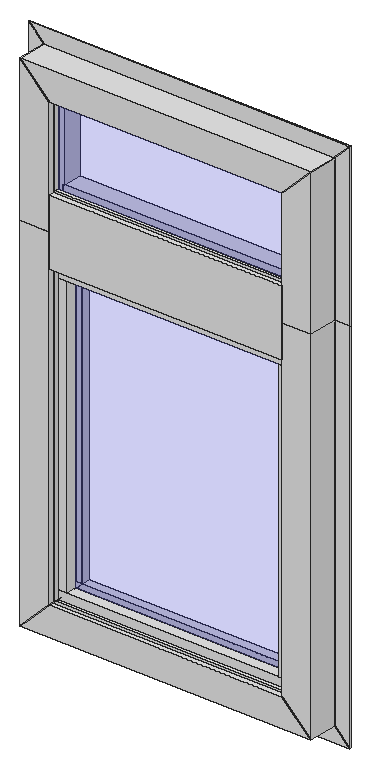
Revit family "511_CA_HL-U_nailfin", category Windows, host Wall, Revit 2016
Family settings
  Host = Wall
  OmniClass Number = 23.30.20.00
  OmniClass Title = Windows
  Always vertical = Yes
  Cut with Voids When Loaded = No
  Shared = No
  Room Calculation Point = No
Parameters (values of type "24x42")
  MLW3 = 1 / 8 * Width  # 3"
  MLW2 = 3.563"
  MLW1 = 3.188"
  MLH = 1 / 2 * Bar set  # 15"
  Interior Color [instance] = White
  Height = 42"
  Exterior Color [instance] = White
  Default Sill Height = 31.49606"
  Wall Closure = By host
  Width = 24"
  Bar set = 30"
Types (31): name | MLW3 | MLH | Interior Color | Height | Exterior Color | Width | Bar set
  (no name) | 3" | 15" | White | 42" | White | 24" | 30"
  13.5x31.75Min | 1 11/16" | 9 7/8" | none | 31 3/4" | none | 13 1/2" | 19 3/4"
  36x72 | 4 1/2" | 27" | none | 72" | none | 36" | 54"
  36x120Max | 4 1/2" | 30" | none | 120" | none | 36" | 60"
  24x48 | 3" | 15" | none | 48" | none | 24" | 30"
  24x36 | 3" | 12" | none | 36" | none | 24" | 24"
  24x42 | 3" | 15" | White | 42" | White | 24" | 30"
  24x54 | 3" | 18" | none | 54" | none | 24" | 36"
  24x60 | 3" | 21" | none | 60" | none | 24" | 42"
  30x36 | 3 3/4" | 12" | none | 36" | none | 30" | 24"
  30x42 | 3 3/4" | 15" | none | 42" | none | 30" | 30"
  30x48 | 3 3/4" | 18" | none | 48" | none | 30" | 36"
  30x54 | 3 3/4" | 21" | none | 54" | none | 30" | 42"
  30x60 | 3 3/4" | 21" | none | 60" | none | 30" | 42"
  30x66 | 3 3/4" | 24" | none | 66" | none | 30" | 48"
  30x72 | 3 3/4" | 27" | none | 72" | none | 30" | 54"
  30x78 | 3 3/4" | 30" | none | 78" | none | 30" | 60"
  30x92 | 3 3/4" | 33" | none | 92" | none | 30" | 66"
  30x98 | 3 3/4" | 36" | none | 98" | none | 30" | 72"
  36x42 | 4 1/2" | 15" | none | 42" | none | 36" | 30"
  36x48 | 4 1/2" | 15" | none | 48" | none | 36" | 30"
  36x54 | 4 1/2" | 18" | none | 54" | none | 36" | 36"
  36x60 | 4 1/2" | 21" | none | 60" | none | 36" | 42"
  36x66 | 4 1/2" | 24" | none | 66" | none | 36" | 48"
  36x78 | 4 1/2" | 30" | none | 78" | none | 36" | 60"
  36x84 | 4 1/2" | 30" | none | 84" | none | 36" | 60"
  36x90 | 4 1/2" | 30" | none | 90" | none | 36" | 60"
  36x96 | 4 1/2" | 30" | none | 96" | none | 36" | 60"
  36x102 | 4 1/2" | 30" | none | 102" | none | 36" | 60"
  36x108 | 4 1/2" | 30" | none | 108" | none | 36" | 60"
  36x114 | 4 1/2" | 30" | none | 114" | none | 36" | 60"
Reference planes (in)
  plane 1 "Center (Front/Back)": y = 0
  plane 2 "Center (Left/Right)": x = 0
  plane 3 "Left": x = -12
  plane 4 "Right": x = 12
  plane 5 "Sill": z = 31.49606
  plane 6 "Head": z = 73.49606
  plane 7 "Exterior": y = 3.93701
  plane 8 "Interior": y = -3.93701
  plane 9 "Front of wall": y = 3.93701
  plane 10 "Bar set": z = 61.49606
  plane 11: x = -9.938
  plane 12: x = 9.938
  plane 13: x = -9.2505
  plane 14: x = 9.2505
  plane 15: z = 34.24556
  plane 16: z = 58.37256
  plane 17: z = 63.93306
  plane 18: z = 71.43406
  plane 19: x = 8.8125
  plane 20: x = -8.8125
Forms (in)
  Extrusion 1, solid, material "White" <- "Interior Color"
    sketch origin (0, 0, 73.49606) x (0, -1, 0) y (1, 0, 0)
      loop
        line (-4.41495, -9.43465) -> (-4.41495, -11.3479) -> (-5.01201, -11.43181) -> (-5.01201, -12.2) -> (-4.94701, -12.2) -> (-4.94701, -12) -> (-4.01201, -12) -> (-4.01201, -13.25) -> (-3.93701, -13.25) -> (-3.93701, -12) -> (-1.51201, -12) -> (-1.51201, -9.625) -> (-1.88701, -9.625) -> (-1.88701, -9.437) -> (-2.13751, -9.437) -> (-2.13751, -9.938) -> (-2.88201, -9.938) -> (-2.88201, -9.43465) -> (-4.41495, -9.43465)
    from 1.25 to -12
  Extrusion 2, solid, material "White" <- "Interior Color"
    sketch origin (0, 0, 73.49606) x (0, -1, 0) y (1, 0, 0)
      loop
        line (-4.41495, 11.3479) -> (-4.41495, 9.43465) -> (-2.88201, 9.43465) -> (-2.88201, 9.938) -> (-2.13751, 9.938) -> (-2.13751, 9.438) -> (-1.88701, 9.438) -> (-1.88701, 9.625) -> (-1.51201, 9.625) -> (-1.51201, 12) -> (-3.93701, 12) -> (-3.93701, 13.25) -> (-4.01201, 13.25) -> (-4.01201, 12) -> (-4.94701, 12) -> (-4.94701, 12.2) -> (-5.01201, 12.2) -> (-5.01201, 11.43181) -> (-4.41495, 11.3479)
    from 1.25 to -12
  Extrusion 3, solid, material "White" <- "Interior Color"
    sketch origin (0, 0, 31.49606) x (0, -1, 0) y (1, 0, 0)
      loop
        line (-4.66201, -9.3755) -> (-4.66201, -11.38262) -> (-5.01201, -11.43181) -> (-5.01201, -12.2) -> (-4.94701, -12.2) -> (-4.94701, -12) -> (-4.01201, -12) -> (-4.01201, -13.25) -> (-3.93701, -13.25) -> (-3.93701, -12) -> (-1.51201, -12) -> (-1.51201, -9.625) -> (-1.88701, -9.625) -> (-1.88701, -9.437) -> (-2.21201, -9.437) -> (-2.21201, -8.7505) -> (-3.09951, -8.7505) -> (-3.09951, -9.2505) -> (-3.84401, -9.2505) -> (-3.84401, -8.7882) -> (-3.88201, -8.8125) -> (-4.62201, -8.8125) -> (-4.62201, -9.3755) -> (-4.66201, -9.3755)
    from -1.25 to 30
  Extrusion 4, solid, material "White" <- "Interior Color"
    sketch origin (0, 0, 31.49606) x (0, -1, 0) y (1, 0, 0)
      loop
        line (-4.66201, 11.38262) -> (-4.66201, 9.3755) -> (-4.62201, 9.3755) -> (-4.62201, 8.8125) -> (-3.88201, 8.8125) -> (-3.84401, 8.7882) -> (-3.84401, 9.2505) -> (-3.09951, 9.2505) -> (-3.09951, 8.7505) -> (-2.21201, 8.7505) -> (-2.21201, 9.437) -> (-1.88701, 9.437) -> (-1.88701, 9.625) -> (-1.51201, 9.625) -> (-1.51201, 12) -> (-3.93701, 12) -> (-3.93701, 13.25) -> (-4.01201, 13.25) -> (-4.01201, 12) -> (-4.94701, 12) -> (-4.94701, 12.2) -> (-5.01201, 12.2) -> (-5.01201, 11.43181) -> (-4.66201, 11.38262)
    from -1.25 to 30
  Extrusion 5, solid, material "White" <- "Interior Color"
    sketch origin (0, 0, 0) x (0, -1, 0) y (0, 0, 1)
      loop
        line (-1.51201, 33.87106) -> (-1.88701, 33.87106) -> (-1.88701, 34.05906) -> (-2.21201, 34.05906) -> (-2.21201, 34.74556) -> (-3.09951, 34.74556) -> (-3.09951, 34.24556) -> (-3.84401, 34.24556) -> (-3.84401, 34.70789) -> (-3.88197, 34.68366) -> (-4.62201, 34.68366) -> (-4.62201, 34.12056) -> (-4.66201, 34.12056) -> (-4.66201, 32.11344) -> (-5.01201, 32.06425) -> (-5.01201, 31.29606) -> (-4.94701, 31.29606) -> (-4.94701, 31.49606) -> (-4.01201, 31.49606) -> (-4.01201, 30.24606) -> (-3.93701, 30.24606) -> (-3.93701, 31.49606) -> (-1.51201, 31.49606) -> (-1.51201, 33.87106)
    from -13.25 to 13.25
  Extrusion 6, solid, material "White" <- "Interior Color"
    sketch origin (0, 0, 0) x (0, -1, 0) y (0, 0, 1)
      loop
        line (-1.51201, 73.49606) -> (-3.93701, 73.49606) -> (-3.93701, 74.74606) -> (-4.01201, 74.74606) -> (-4.01201, 73.49606) -> (-4.94701, 73.49606) -> (-4.94701, 73.69606) -> (-5.01201, 73.69606) -> (-5.01201, 72.92787) -> (-4.41499, 72.84397) -> (-4.41499, 70.92916) -> (-2.88201, 70.92916) -> (-2.88201, 71.43406) -> (-2.13751, 71.43406) -> (-2.13751, 70.93406) -> (-1.88701, 70.93306) -> (-1.88701, 71.12106) -> (-1.51201, 71.12106) -> (-1.51201, 73.49606)
    from -13.25 to 13.25
  Extrusion 7, solid, material "White" <- "Interior Color"
    sketch origin (0, 0, 0) x (0, -1, 0) y (0, 0, 1)
      loop
        line (-1.51201, 58.74606) -> (-1.51201, 64.24552) -> (-1.88701, 64.24552) -> (-1.88701, 64.43406) -> (-2.13751, 64.43406) -> (-2.13751, 63.93306) -> (-2.88201, 63.93306) -> (-2.88201, 64.43642) -> (-4.41495, 64.43642) -> (-4.41495, 62.52316) -> (-5.01201, 62.43925) -> (-5.01201, 60.55287) -> (-4.66201, 60.50368) -> (-4.66201, 58.49656) -> (-4.62201, 58.49656) -> (-4.62201, 57.93356) -> (-3.88201, 57.93356) -> (-3.84401, 57.90927) -> (-3.84401, 58.37256) -> (-3.09951, 58.37256) -> (-3.09951, 57.87156) -> (-2.21201, 57.87156) -> (-2.21201, 58.55806) -> (-1.88701, 58.55806) -> (-1.88701, 58.74606) -> (-1.51201, 58.74606)
    from -12 to 12
  Sweep 8, void
    path in 3D
      loop
        line (10.58359, 10.31257, 73.49606) -> (10.58359, 3.93701, 73.49606)
    profile origin (10.58359, 7.12479, 73.49606) x (1, 0, 0) y (0, 0, 1)
      loop
        line (2.8495, 1.43309) -> (-2.48569, 1.43309) -> (-2.48569, -2.56691) -> (0.76431, -2.56691) -> (0.76431, -0.65209) -> (2.8495, 1.43309)
  Sweep 9, void
    path in 3D
      loop
        line (10.58359, 10.31257, 73.49606) -> (10.58359, 3.93701, 73.49606)
    profile origin (10.58359, 7.12479, 73.49606) x (1, 0, 0) y (0, 0, 1)
      loop
        line (3.01431, 1.5979) -> (0.76431, -0.6521) -> (0.76431, -2.9021) -> (3.01431, -2.9021) -> (3.01431, 1.5979)
  Sweep 10, void
    path in 3D
      loop
        line (-11.3504, 9.9781, 73.49606) -> (-11.3504, 3.93701, 73.49606)
    profile origin (-11.3504, 6.95756, 73.49606) x (1, 0, 0) y (0, 0, 1)
      loop
        line (-2.22364, 1.57404) -> (0.00249, -0.65209) -> (0.00249, -2.56691) -> (2.901, -2.56691) -> (2.901, 1.57404) -> (-2.22364, 1.57404)
  Sweep 11, void
    path in 3D
      loop
        line (-11.3504, 9.9781, 73.49606) -> (-11.3504, 3.93701, 73.49606)
    profile origin (-11.3504, 6.95756, 73.49606) x (1, 0, 0) y (0, 0, 1)
      loop
        line (-2.2475, 1.5979) -> (-2.2475, -3.02629) -> (0.0025, -3.02629) -> (0.0025, -0.6521) -> (-2.2475, 1.5979)
  Sweep 12, void
    path in 3D
      loop
        line (-10.49435, 9.79467, 61.49606) -> (-10.49435, 3.93701, 61.49606)
    profile origin (-10.49435, 6.86584, 61.49606) x (1, 0, 0) y (0, 0, 1)
      loop
        line (2.3275, -3.5625) -> (2.3275, 2.94035) -> (-0.85355, 2.94035) -> (-0.85355, 1.0271) -> (-0.93747, 0.94319) -> (-0.93747, -0.94319) -> (1.11885, -2.9995) -> (1.11885, -3.5625) -> (2.3275, -3.5625)
  Sweep 13, void
    path in 3D
      loop
        line (-10.49435, 9.79467, 61.49606) -> (-10.49435, 3.93701, 61.49606)
    profile origin (-10.49435, 6.86584, 61.49606) x (1, 0, 0) y (0, 0, 1)
      loop
        line (1.11885, -4.69319) -> (1.11885, -2.9995) -> (-0.93747, -0.94319) -> (-0.93747, 5.55681) -> (-4.68747, 5.55681) -> (-4.68747, -4.69319) -> (1.11885, -4.69319)
  Sweep 14, void
    path in 3D
      loop
        line (11.08359, 10.31257, 61.49606) -> (11.08359, 3.93701, 61.49606)
    profile origin (11.08359, 7.12479, 61.49606) x (1, 0, 0) y (0, 0, 1)
      loop
        line (-2.98569, -3.5625) -> (-1.70809, -3.5625) -> (-1.70809, -2.9995) -> (0.34822, -0.94319) -> (0.34822, 0.94319) -> (0.26431, 1.0271) -> (0.26431, 2.94035) -> (-2.98569, 2.94035) -> (-2.98569, -3.5625)
  Sweep 15, void
    path in 3D
      loop
        line (11.08359, 10.31257, 61.49606) -> (11.08359, 3.93701, 61.49606)
    profile origin (11.08359, 7.12479, 61.49606) x (1, 0, 0) y (0, 0, 1)
      loop
        line (-1.70809, -4.19404) -> (3.09822, -4.19404) -> (3.09822, 3.44677) -> (0.34822, 3.44677) -> (0.34822, -0.94319) -> (-1.70809, -2.9995) -> (-1.70809, -4.19404)
  Sweep 16, void
    path in 3D
      loop
        line (11.58359, 10.31257, 31.49606) -> (11.58359, 3.93701, 31.49606)
    profile origin (11.58359, 7.12479, 31.49606) x (1, 0, 0) y (0, 0, 1)
      loop
        line (2.33636, -1.91995) -> (-2.20809, 2.6245) -> (-2.20809, 3.18759) -> (-4.5599, 3.18759) -> (-4.5599, -1.91995) -> (2.33636, -1.91995)
  Sweep 17, void
    path in 3D
      loop
        line (11.58359, 10.31257, 31.49606) -> (11.58359, 3.93701, 31.49606)
    profile origin (11.58359, 7.12479, 31.49606) x (1, 0, 0) y (0, 0, 1)
      loop
        line (2.79191, -2.3755) -> (2.79191, 5.6245) -> (-2.20809, 5.6245) -> (-2.20809, 2.6245) -> (2.79191, -2.3755)
  Sweep 18, void
    path in 3D
      loop
        line (-9.938, 9.79467, 31.49606) -> (-9.938, 3.93701, 31.49606)
    profile origin (-9.938, 6.86584, 31.49606) x (1, 0, 0) y (0, 0, 1)
      loop
        line (-4.4375, -2.3755) -> (3.0625, -2.3755) -> (3.0625, 3.18759) -> (0.5625, 3.18759) -> (0.5625, 2.6245) -> (-4.4375, -2.3755)
  Sweep 19, void
    path in 3D
      loop
        line (-9.938, 9.79467, 31.49606) -> (-9.938, 3.93701, 31.49606)
    profile origin (-9.938, 6.86584, 31.49606) x (1, 0, 0) y (0, 0, 1)
      loop
        line (-3.9375, -1.8755) -> (0.5625, 2.6245) -> (0.5625, 5.3745) -> (-3.9375, 5.3745) -> (-3.9375, -1.8755)
  Extrusion 20, void
    sketch origin (0, 3.93701, 0) x (1, 0, 0) y (0, 0, 1)
      loop
        line (-14.45496, 75.95103) -> (-9.625, 71.12106) -> (-9.625, 70.93406) -> (-8.96944, 70.93406) -> (-8.96944, 75.95103) -> (-14.45496, 75.95103)
    from 0 to 12
  Extrusion 21, void
    sketch origin (0, 3.93701, 0) x (1, 0, 0) y (0, 0, 1)
      loop
        line (-14.49016, 75.98622) -> (-14.49016, 69.42342) -> (-9.625, 69.42342) -> (-9.625, 71.12106) -> (-14.49016, 75.98622)
    from 0 to 12
  Extrusion 22, void
    sketch origin (0, 3.93701, 0) x (1, 0, 0) y (0, 0, 1)
      loop
        line (14, 75.49606) -> (8.93613, 75.49606) -> (8.93613, 70.93306) -> (9.625, 70.93306) -> (9.625, 71.12106) -> (14, 75.49606)
    from 0 to 12
  Extrusion 23, void
    sketch origin (0, 3.93701, 0) x (1, 0, 0) y (0, 0, 1)
      loop
        line (14.9093, 76.40537) -> (9.625, 71.12106) -> (9.625, 70.07544) -> (14.9093, 70.07544) -> (14.9093, 76.40537)
    from 0 to 12
  Extrusion 24, void
    sketch origin (0, 3.93701, 0) x (1, 0, 0) y (0, 0, 1)
      loop
        line (-7.937, 64.43642) -> (-9.625, 64.43642) -> (-9.625, 58.55806) -> (-9.437, 58.55806) -> (-9.437, 57.87156) -> (-7.937, 57.87156) -> (-7.937, 64.43642)
    from 0 to 12
  Extrusion 25, void
    sketch origin (0, 3.93701, 0) x (1, 0, 0) y (0, 0, 1)
      loop
        line (-9.625, 66.01082) -> (-14.625, 66.01082) -> (-14.625, 56.51082) -> (-9.625, 56.51082) -> (-9.625, 66.01082)
    from 0 to 12
  Extrusion 26, void
    sketch origin (0, 3.93701, 0) x (1, 0, 0) y (0, 0, 1)
      loop
        line (7.625, 64.43642) -> (7.625, 57.87156) -> (9.437, 57.87156) -> (9.437, 58.55806) -> (9.625, 58.55806) -> (9.625, 64.43642) -> (7.625, 64.43642)
    from 0 to 12
  Extrusion 27, void
    sketch origin (0, 3.93701, 0) x (1, 0, 0) y (0, 0, 1)
      loop
        line (9.625, 66.0605) -> (9.625, 57.0605) -> (14.375, 57.0605) -> (14.375, 66.0605) -> (9.625, 66.0605)
    from 0 to 12
  Extrusion 28, void
    sketch origin (0, 3.93701, 0) x (1, 0, 0) y (0, 0, 1)
      loop
        line (7.7505, 34.74556) -> (7.7505, 31.04264) -> (12.45343, 31.04264) -> (9.625, 33.87106) -> (9.625, 34.05906) -> (9.437, 34.05906) -> (9.437, 34.74556) -> (7.7505, 34.74556)
    from 0 to 12
  Extrusion 29, void
    sketch origin (0, 3.93701, 0) x (1, 0, 0) y (0, 0, 1)
      loop
        line (8.55278, 33.87106) -> (8.55278, 29.57612) -> (13.91995, 29.57612) -> (9.625, 33.87106) -> (8.55278, 33.87106)
    from 0 to 12
  Extrusion 30, void
    sketch origin (0, 3.93701, 0) x (1, 0, 0) y (0, 0, 1)
      loop
        line (-7.80698, 34.74556) -> (-9.437, 34.74556) -> (-9.437, 34.05906) -> (-9.625, 34.05906) -> (-9.625, 33.87106) -> (-14.11905, 29.37701) -> (-7.80698, 29.37701) -> (-7.80698, 34.74556)
    from 0 to 12
  Extrusion 31, void
    sketch origin (0, 3.93701, 0) x (1, 0, 0) y (0, 0, 1)
      loop
        line (-9.625, 35.38264) -> (-14.34332, 35.38264) -> (-14.34332, 29.15274) -> (-9.625, 33.87106) -> (-9.625, 35.38264)
    from 0 to 12
  Extrusion 32, solid, material "Glass"
    sketch origin (0, 0, 0) x (0, -1, 0) y (0, 0, 1)
      loop
        line (-2.88201, 71.43406) -> (-2.88201, 63.93306) -> (-2.13751, 63.93306) -> (-2.13751, 71.43406) -> (-2.88201, 71.43406)
    from -9.938 to 9.938
  Extrusion 33, solid, material "Glass"
    sketch origin (0, 0, 0) x (0, -1, 0) y (0, 0, 1)
      loop
        line (-3.84401, 58.37256) -> (-3.84401, 34.24556) -> (-3.09951, 34.24556) -> (-3.09951, 58.37256) -> (-3.84401, 58.37256)
    from -9.2505 to 9.2505
  Extrusion 34, void
    sketch origin (0, 3.93701, 0) x (1, 0, 0) y (0, 0, 1)
      loop
        line (14.12111, 29.37495) -> (14.12111, 35.55906) -> (9.437, 35.55906) -> (9.437, 34.05906) -> (9.625, 34.05906) -> (9.625, 33.87106) -> (14.12111, 29.37495)
    from 0 to 12
Cuts and joins
  Sweep 8, Sweep 14, Extrusion 22, Extrusion 26 cuts Extrusion 2
  Sweep 9, Sweep 11, Extrusion 21, Extrusion 23 cuts Extrusion 6
  Sweep 10, Sweep 12, Extrusion 20, Extrusion 24 cuts Extrusion 1
  Sweep 12, Sweep 18, Extrusion 24, Extrusion 30 cuts Extrusion 3
  Sweep 13, Sweep 15, Extrusion 25, Extrusion 27 cuts Extrusion 7
  Sweep 14, Sweep 16, Extrusion 26, Extrusion 28, Extrusion 29 cuts Extrusion 4
  Sweep 17, Sweep 19, Extrusion 31, Extrusion 34 cuts Extrusion 5
Lines and regions (in)
  Opening 1
    outline origin (137.79528, -3.93701, 0) x (1, 0, 0) y (0, 0, 1)
      loop
        line (-125.79528, 31.49606) -> (-125.79528, 73.49606) -> (-149.79528, 73.49606) -> (-149.79528, 31.49606) -> (-125.79528, 31.49606)
  reference lines
    curve 1: line (-11.3504, 9.9781, 73.49606) -> (-11.3504, 3.93701, 73.49606)
    curve 2: line (-10.49435, 9.79467, 61.49606) -> (-10.49435, 3.93701, 61.49606)
    curve 3: line (-9.938, 9.79467, 31.49606) -> (-9.938, 3.93701, 31.49606)
    curve 4: line (10.58359, 10.31257, 73.49606) -> (10.58359, 3.93701, 73.49606)
    curve 5: line (11.08359, 10.31257, 61.49606) -> (11.08359, 3.93701, 61.49606)
    curve 6: line (11.58359, 10.31257, 31.49606) -> (11.58359, 3.93701, 31.49606)
    curve 19: line (-8.8125, 3.93701, 57.93306) -> (8.8125, 3.93701, 46.49606)
    curve 20: line (8.8125, 3.93701, 46.49606) -> (-8.8125, 3.93701, 34.68406)
    curve 23: line (2.5, 3.93701, 69.99606) -> (-2.5, 3.93701, 69.99606)
    curve 24: line (2.5, 3.93701, 64.99606) -> (2.5, 3.93701, 69.99606)
    curve 25: line (-2.5, 3.93701, 64.99606) -> (2.5, 3.93701, 64.99606)
    curve 26: line (-2.5, 3.93701, 69.99606) -> (-2.5, 3.93701, 64.99606)
    curve 30: line (0, 3.93701, 64.99606) -> (0, 3.93701, 71.49606)
    curve 31: line (2.5, 3.93701, 67.49606) -> (-0.8041, 3.93701, 67.49606)
    curve 34: line (2.5, 0, 69.99606) -> (-2.5, 0, 69.99606)
    curve 35: line (2.5, 0, 64.99606) -> (2.5, 0, 69.99606)
    curve 36: line (-2.5, 0, 64.99606) -> (2.5, 0, 64.99606)
    curve 37: line (-2.5, 0, 69.99606) -> (-2.5, 0, 64.99606)
    curve 38: line (0, 0, 64.99606) -> (0, 0, 72.49606)
    curve 39: line (2.5, 0, 67.49606) -> (-4.5, 0, 67.49606)
  sketch lines
    curve 7: line (10.58359, 10.31257, 73.49606) -> (10.58359, 3.93701, 73.49606)
    curve 8: line (10.58359, 10.31257, 73.49606) -> (10.58359, 3.93701, 73.49606)
    curve 9: line (-11.3504, 9.9781, 73.49606) -> (-11.3504, 3.93701, 73.49606)
    curve 10: line (-11.3504, 9.9781, 73.49606) -> (-11.3504, 3.93701, 73.49606)
    curve 11: line (-10.49435, 9.79467, 61.49606) -> (-10.49435, 3.93701, 61.49606)
    curve 12: line (-10.49435, 9.79467, 61.49606) -> (-10.49435, 3.93701, 61.49606)
    curve 13: line (11.08359, 10.31257, 61.49606) -> (11.08359, 3.93701, 61.49606)
    curve 14: line (11.08359, 10.31257, 61.49606) -> (11.08359, 3.93701, 61.49606)
    curve 15: line (11.58359, 10.31257, 31.49606) -> (11.58359, 3.93701, 31.49606)
    curve 16: line (11.58359, 10.31257, 31.49606) -> (11.58359, 3.93701, 31.49606)
    curve 17: line (-9.938, 9.79467, 31.49606) -> (-9.938, 3.93701, 31.49606)
    curve 18: line (-9.938, 9.79467, 31.49606) -> (-9.938, 3.93701, 31.49606)
  model lines
    curve 21: line (8.8125, 3.93701, 46.49606) -> (-8.8125, 3.93701, 57.93306)
    curve 22: line (8.8125, 3.93701, 46.49606) -> (-8.8125, 3.93701, 34.68406)
    curve 27: line (2.5, 3.93701, 69.99606) -> (-2.5, 3.93701, 64.99606)
    curve 28: line (-2.5, 3.93701, 67.49606) -> (0, 3.93701, 69.99606)
    curve 29: line (0, 3.93701, 64.99606) -> (2.5, 3.93701, 67.49606)
  symbolic lines
    curve 32: line (-8.8125, 3.93701, 57.93306) -> (8.8125, 3.93701, 46.49606)
    curve 33: line (8.8125, 3.93701, 46.49606) -> (-8.7505, 3.93701, 34.72561)
    curve 40: line (0, 0, 64.99606) -> (2.5, 0, 67.49606)
    curve 41: line (0, 0, 69.99606) -> (-2.5, 0, 67.49606)
    curve 42: line (-2.5, 0, 64.99606) -> (2.5, 0, 69.99606)
Text (in)
  text "EXTERIOR" at (-77.29147, 52.45485, 0), in view "Ref. Level"
  text "INTERIOR" at (-78.01048, -32.21994, 0), in view "Ref. Level"
  text "Exterior" at (0, 36.36817, 115.8778), in view "Right"
  text "Exterior" at (0, 40.96394, 105.72475), in view "Left"
Dimensions and locks (in)
  equal spacing: plane 3 "Left", plane 2 "Center (Left/Right)", plane 4 "Right"
  "Width": plane 3 "Left" to plane 4 "Right"
  "Height": plane 5 "Sill" to plane 6 "Head"
  "Default Sill Height": plane 5 "Sill" to level
  locked: plane 7 "Exterior" to host wall at 0
  locked: plane 8 "Interior" to host wall
  "Bar set": plane 5 "Sill" to plane 10 "Bar set"
  locked: plane 12 to plane 4 "Right" at 2.062
  locked: plane 3 "Left" to plane 11 at 2.062
  locked: Extrusion 1 sketch curve to plane 3 "Left" at 1.25
  locked: Extrusion 1 sketch curve to plane 9 "Front of wall" at 2.425
  locked: Extrusion 1 sketch curve to Extrusion 1 sketch curve at 2.375
  locked: plane 4 "Right" to Extrusion 2 sketch curve at 1.25
  locked: Extrusion 2 sketch curve to plane 9 "Front of wall" at 2.425
  locked: Extrusion 2 sketch curve to Extrusion 2 sketch curve at 2.375
  locked: Extrusion 3 sketch curve to plane 3 "Left" at 1.25
  locked: Extrusion 3 sketch curve to plane 9 "Front of wall" at 2.425
  locked: Extrusion 3 sketch curve to Extrusion 3 sketch curve at 2.375
  locked: plane 4 "Right" to Extrusion 4 sketch curve at 1.25
  locked: Extrusion 4 sketch curve to plane 9 "Front of wall" at 2.425
  locked: Extrusion 4 sketch curve to Extrusion 4 sketch curve at 2.375
  locked: plane 14 to plane 4 "Right" at 2.7495
  locked: plane 3 "Left" to plane 13 at 2.7495
  locked: plane 9 "Front of wall" to Extrusion 5 sketch curve at 2.425
  locked: Extrusion 5 sketch curve to plane 5 "Sill" at 1.25
  locked: Extrusion 5 sketch curve to Extrusion 5 sketch curve at 2.375
  locked: plane 6 "Head" to Extrusion 6 sketch curve at 1.25
  locked: Extrusion 6 sketch curve to Extrusion 6 sketch curve at 2.375
  locked: plane 9 "Front of wall" to Extrusion 6 sketch curve at 2.425
  locked: Extrusion 7 sketch curve to plane 10 "Bar set" at 0.94319
  locked: plane 10 "Bar set" to Extrusion 7 sketch curve at 0.94319
  locked: Extrusion 7 sketch curve to plane 10 "Bar set" at 2.74945
  locked: plane 10 "Bar set" to Extrusion 7 sketch curve at 2.75
  locked: plane 9 "Front of wall" to Extrusion 7 sketch curve at 2.425
  locked: plane 18 to plane 6 "Head" at 2.062
  locked: plane 17 to plane 10 "Bar set" at 2.437
  locked: plane 10 "Bar set" to plane 16 at 3.1235
  locked: plane 5 "Sill" to plane 15 at 2.7495
  locked: plane 3 "Left" to plane 20 at 3.1875
  locked: plane 19 to plane 4 "Right" at 3.1875
  "MLH": curve 20 to plane 10 "Bar set"
  "MLH": plane 5 "Sill" to curve 19
  "MLW1": plane 5 "Sill" to curve 20
  "MLW2": curve 19 to plane 10 "Bar set"
  equal spacing: curve 28, curve 27, curve 29
  locked: curve 24 to curve 26 at 5
  locked: curve 25 to curve 23 at 5
  equal spacing: curve 26, curve 30, curve 24
  equal spacing: curve 25, curve 31, curve 23
  equal spacing: plane 3 "Left", curve 30, plane 4 "Right"
  equal spacing: plane 10 "Bar set", curve 31, plane 6 "Head"
  locked: curve 35 to curve 37 at 5
  locked: curve 36 to curve 34 at 5
  equal spacing: curve 37, curve 38, curve 35
  equal spacing: curve 36, curve 39, curve 34
  locked: curve 37 to curve 41 at 2.5
  locked: curve 37 to curve 40 at 2.5
  locked: curve 40 to curve 36 at 2.5
  locked: curve 41 to curve 36 at 2.5
  locked: curve 35 to curve 42 at 5
  equal spacing: plane 3 "Left", curve 38, plane 4 "Right"
  equal spacing: plane 6 "Head", curve 39, plane 10 "Bar set"
  aligned and locked: plane 9 "Front of wall" to host wall
  aligned and locked: Extrusion 1 sketch curve to plane 11
  aligned and locked: plane 9 "Front of wall" to Extrusion 1 sketch curve
  aligned and locked: plane 3 "Left" to Extrusion 1 sketch curve  (x2)
  aligned and locked: Extrusion 2 sketch curve to plane 4 "Right"  (x2)
  aligned and locked: plane 9 "Front of wall" to Extrusion 2 sketch curve
  aligned and locked: plane 12 to Extrusion 2 sketch curve
  aligned and locked: plane 9 "Front of wall" to Extrusion 3 sketch curve
  aligned and locked: plane 3 "Left" to Extrusion 3 sketch curve  (x2)
  aligned and locked: plane 9 "Front of wall" to Extrusion 4 sketch curve
  aligned and locked: Extrusion 4 sketch curve to plane 4 "Right"  (x2)
  aligned and locked: Extrusion 3 sketch curve to plane 13
  aligned and locked: plane 14 to Extrusion 4 sketch curve
  aligned and locked: Extrusion 5 sketch curve to plane 5 "Sill"  (x2)
  aligned and locked: Extrusion 5 sketch curve to plane 9 "Front of wall"
  aligned and locked: plane 6 "Head" to Extrusion 6 sketch curve  (x2)
  aligned and locked: Extrusion 6 sketch curve to plane 9 "Front of wall"
  aligned and locked: plane 15 to Extrusion 5 sketch curve
  aligned and locked: plane 16 to Extrusion 7 sketch curve
  aligned and locked: Extrusion 7 sketch curve to plane 17
  aligned and locked: Extrusion 6 sketch curve to plane 18
  aligned and locked: Extrusion 6 to Extrusion 2  (x2)
  aligned and locked: Extrusion 7 to plane 4 "Right"
  aligned and locked: plane 3 "Left" to Extrusion 7
  aligned and locked: Extrusion 1 to Extrusion 6  (x2)
  aligned and locked: Extrusion 1 to plane 10 "Bar set"
  aligned and locked: Extrusion 2 to plane 10 "Bar set"
  aligned and locked: plane 10 "Bar set" to Extrusion 4
  aligned and locked: plane 10 "Bar set" to Extrusion 3
  aligned and locked: Extrusion 5 to Extrusion 3  (x2)
  aligned and locked: Extrusion 4 to Extrusion 5  (x2)
  aligned and locked: plane 9 "Front of wall" to curve 4
  aligned and locked: plane 9 "Front of wall" to curve 5
  aligned and locked: plane 9 "Front of wall" to curve 6
  aligned and locked: plane 9 "Front of wall" to curve 3
  aligned and locked: plane 9 "Front of wall" to curve 2
  aligned and locked: plane 9 "Front of wall" to curve 1
  aligned and locked: Extrusion 32 sketch curve to plane 17
  aligned and locked: Extrusion 32 sketch curve to plane 18
  aligned and locked: plane 16 to Extrusion 33 sketch curve
  aligned and locked: plane 15 to Extrusion 33 sketch curve
  aligned and locked: plane 13 to Extrusion 33
  aligned and locked: Extrusion 33 to plane 14
  aligned and locked: plane 11 to Extrusion 32
  aligned and locked: Extrusion 32 to plane 12
  aligned and locked: plane 19 to curve 20
  aligned and locked: plane 19 to curve 19
  aligned and locked: plane 20 to curve 20
  aligned and locked: plane 20 to curve 19
  aligned and locked: curve 20 to curve 22
  aligned and locked: curve 21 to curve 19
  aligned and locked: Extrusion 34 sketch curve to cut or joined group of Extrusion 4, Sweep 14, Sweep 16, Extrusion 26, Extrusion 28, Extrusion 29  (x2)
  aligned and locked: curve 23 to curve 26
  aligned and locked: curve 26 to curve 26
  aligned and locked: curve 24 to curve 24
  aligned and locked: curve 26 to curve 27
  aligned and locked: curve 27 to curve 23
  aligned and locked: curve 23 to curve 28
  aligned and locked: curve 26 to curve 28
  aligned and locked: curve 25 to curve 29
  aligned and locked: curve 24 to curve 29
  aligned and locked: curve 20 to curve 33
  aligned and locked: curve 19 to curve 32
  aligned and locked: curve 34 to curve 37
  aligned and locked: curve 37 to curve 37
  aligned and locked: curve 35 to curve 35
  aligned and locked: curve 37 to curve 41
  aligned and locked: curve 36 to curve 40
  aligned and locked: curve 35 to curve 40
  aligned and locked: curve 34 to curve 41
  aligned and locked: curve 35 to curve 42
  aligned and locked: curve 42 to curve 36
Automatic sketch dimensions
  Opening 1 sketch curve to plane 3 "Left" = 0"
  Opening 1 sketch curve to plane 4 "Right" = 0"
  Opening 1 sketch curve to plane 5 "Sill" = 0"
  Opening 1 sketch curve to plane 6 "Head" = 0"
  Extrusion 1 sketch curve to Extrusion 1 sketch curve = 0.075"
  host wall to Extrusion 1 sketch curve = 0.47794"
  plane 3 "Left" to Extrusion 1 sketch curve = 0.2"
  Extrusion 1 sketch curve to Extrusion 1 sketch curve = 0.935"
  Extrusion 1 sketch curve to Extrusion 1 sketch curve = 0.065"
  Extrusion 1 sketch curve to Extrusion 1 sketch curve = 0.7445"
  Extrusion 1 sketch curve to Extrusion 1 sketch curve = 0.2505"
  Extrusion 1 sketch curve to plane 3 "Left" = 0.56819"
  Extrusion 1 sketch curve to Extrusion 1 sketch curve = 0.08391"
  Extrusion 1 sketch curve to Extrusion 1 sketch curve = 0.188"
  host wall to Extrusion 2 sketch curve = 0.075"
  host wall to Extrusion 2 sketch curve = 0.47794"
  Extrusion 2 sketch curve to plane 4 "Right" = 0.2"
  Extrusion 2 sketch curve to Extrusion 2 sketch curve = 0.935"
  Extrusion 2 sketch curve to Extrusion 2 sketch curve = 0.065"
  plane 12 to Extrusion 2 sketch curve = 0.50335"
  Extrusion 2 sketch curve to Extrusion 2 sketch curve = 0.2505"
  Extrusion 2 sketch curve to Extrusion 2 sketch curve = 3/8"
  Extrusion 2 sketch curve to Extrusion 2 sketch curve = 0.187"
  plane 4 "Right" to Extrusion 2 sketch curve = 0.6521"
  plane 4 "Right" to Extrusion 2 sketch curve = 0.56819"
  host wall to Extrusion 3 sketch curve = 0.075"
  host wall to Extrusion 3 sketch curve = 0.68501"
  Extrusion 3 sketch curve to Extrusion 3 sketch curve = 0.03999"
  Extrusion 3 sketch curve to Extrusion 3 sketch curve = 0.285"
  Extrusion 3 sketch curve to Extrusion 3 sketch curve = 0.065"
  Extrusion 3 sketch curve to host wall = 0.055"
  Extrusion 3 sketch curve to Extrusion 3 sketch curve = 0.038"
  Extrusion 3 sketch curve to Extrusion 3 sketch curve = 0.7445"
  Extrusion 3 sketch curve to Extrusion 3 sketch curve = 0.8875"
  Extrusion 3 sketch curve to Extrusion 3 sketch curve = 0.325"
  Extrusion 3 sketch curve to Extrusion 3 sketch curve = 0.2"
  Extrusion 3 sketch curve to Extrusion 3 sketch curve = 0.56819"
  Extrusion 3 sketch curve to Extrusion 3 sketch curve = 0.04919"
  Extrusion 3 sketch curve to Extrusion 3 sketch curve = 0.188"
  Extrusion 3 sketch curve to Extrusion 3 sketch curve = 1/8"
  Extrusion 3 sketch curve to Extrusion 3 sketch curve = 0.0243"
  host wall to Extrusion 4 sketch curve = 0.075"
  host wall to Extrusion 4 sketch curve = 0.68501"
  Extrusion 4 sketch curve to Extrusion 4 sketch curve = 0.03999"
  Extrusion 4 sketch curve to Extrusion 4 sketch curve = 0.285"
  Extrusion 4 sketch curve to Extrusion 4 sketch curve = 0.065"
  Extrusion 4 sketch curve to host wall = 0.055"
  Extrusion 4 sketch curve to Extrusion 4 sketch curve = 0.038"
  Extrusion 4 sketch curve to Extrusion 4 sketch curve = 0.325"
  Extrusion 4 sketch curve to Extrusion 4 sketch curve = 3/8"
  Extrusion 4 sketch curve to Extrusion 4 sketch curve = 0.0243"
  Extrusion 4 sketch curve to Extrusion 4 sketch curve = 0.563"
  Extrusion 4 sketch curve to Extrusion 4 sketch curve = 0.188"
  Extrusion 4 sketch curve to Extrusion 4 sketch curve = 0.81738"
  Extrusion 4 sketch curve to Extrusion 4 sketch curve = 0.04919"
  Extrusion 4 sketch curve to Extrusion 4 sketch curve = 0.2"
  host wall to Extrusion 5 sketch curve = 0.075"
  host wall to Extrusion 5 sketch curve = 0.685"
  host wall to Extrusion 5 sketch curve = 0.725"
  Extrusion 5 sketch curve to Extrusion 5 sketch curve = 0.285"
  Extrusion 5 sketch curve to Extrusion 5 sketch curve = 0.065"
  Extrusion 5 sketch curve to host wall = 0.05503"
  Extrusion 5 sketch curve to Extrusion 5 sketch curve = 0.03797"
  Extrusion 5 sketch curve to Extrusion 5 sketch curve = 0.325"
  Extrusion 5 sketch curve to Extrusion 5 sketch curve = 3/8"
  Extrusion 5 sketch curve to Extrusion 5 sketch curve = 0.2"
  Extrusion 5 sketch curve to Extrusion 5 sketch curve = 0.56819"
  Extrusion 5 sketch curve to Extrusion 5 sketch curve = 0.04919"
  Extrusion 5 sketch curve to Extrusion 5 sketch curve = 0.188"
  Extrusion 5 sketch curve to Extrusion 5 sketch curve = 1/8"
  Extrusion 5 sketch curve to Extrusion 5 sketch curve = 0.43809"
  Extrusion 5 sketch curve to Extrusion 5 sketch curve = 0.02423"
  host wall to Extrusion 6 sketch curve = 0.47798"
  host wall to Extrusion 6 sketch curve = 0.075"
  Extrusion 6 sketch curve to plane 6 "Head" = 0.2"
  Extrusion 6 sketch curve to Extrusion 6 sketch curve = 0.935"
  Extrusion 6 sketch curve to Extrusion 6 sketch curve = 0.065"
  Extrusion 6 sketch curve to Extrusion 6 sketch curve = 0.7445"
  Extrusion 6 sketch curve to Extrusion 6 sketch curve = 0.2505"
  Extrusion 6 sketch curve to Extrusion 6 sketch curve = 3/8"
  Extrusion 6 sketch curve to Extrusion 6 sketch curve = 1/256"
  Extrusion 6 sketch curve to Extrusion 6 sketch curve = 0.001"
  Extrusion 6 sketch curve to Extrusion 6 sketch curve = 0.188"
  Extrusion 6 sketch curve to Extrusion 6 sketch curve = 0.85209"
  Extrusion 6 sketch curve to Extrusion 6 sketch curve = 0.08391"
  host wall to Extrusion 7 sketch curve = 1.075"
  Extrusion 7 sketch curve to Extrusion 7 sketch curve = 0.35"
  Extrusion 7 sketch curve to Extrusion 7 sketch curve = 0.03999"
  host wall to Extrusion 7 sketch curve = 0.47794"
  Extrusion 7 sketch curve to host wall = 0.055"
  Extrusion 7 sketch curve to host wall = 0.093"
  Extrusion 7 sketch curve to host wall = 1.055"
  Extrusion 7 sketch curve to Extrusion 7 sketch curve = 0.7445"  (x2)
  Extrusion 7 sketch curve to Extrusion 7 sketch curve = 0.2505"
  Extrusion 7 sketch curve to Extrusion 7 sketch curve = 0.325"
  Extrusion 7 sketch curve to Extrusion 7 sketch curve = 3/8"
  Extrusion 7 sketch curve to Extrusion 7 sketch curve = 0.0243"
  Extrusion 7 sketch curve to Extrusion 7 sketch curve = 0.439"
  Extrusion 7 sketch curve to Extrusion 7 sketch curve = 0.563"
  Extrusion 7 sketch curve to Extrusion 7 sketch curve = 0.188"
  Extrusion 7 sketch curve to Extrusion 7 sketch curve = 0.04919"
  Extrusion 7 sketch curve to Extrusion 7 sketch curve = 0.08391"
  curve 3 to plane 11 = 0"
  plane 4 "Right" to curve 6 = 0.41641"
  curve 1 to plane 3 "Left" = 0.6496"
  host wall to curve 1 = 6.0411"
  curve 4 to plane 12 = 0.64559"
  host wall to curve 4 = 6.37556"
  host wall to curve 3 = 5.85766"
  host wall to curve 6 = 6.37556"
  plane 11 to curve 2 = 0.55635"
  plane 4 "Right" to curve 5 = 0.91641"
  host wall to curve 2 = 5.85766"
  host wall to curve 5 = 6.37556"
  profile plane to Sweep 8 sketch curve = 2.48569"
  Sweep 8 sketch curve to profile plane = 0.76431"
  Sweep 8 sketch curve to profile plane = 2.56691"
  Sweep 8 sketch curve to profile plane = 0.65209"
  Sweep 8 sketch curve to profile plane = 2.8495"
  profile plane to Sweep 8 sketch curve = 1.43309"
  Sweep 9 sketch curve to profile plane = 0.76431"
  Sweep 9 sketch curve to profile plane = 2.9021"
  Sweep 9 sketch curve to profile plane = 0.6521"
  Sweep 9 sketch curve to Sweep 9 sketch curve = 2 1/4"
  profile plane to Sweep 9 sketch curve = 1.5979"
  Sweep 10 sketch curve to profile plane = 0.00249"
  Sweep 10 sketch curve to Sweep 10 sketch curve = 2.8985"
  Sweep 10 sketch curve to profile plane = 2.56691"
  Sweep 10 sketch curve to profile plane = 0.65209"
  profile plane to Sweep 10 sketch curve = 2.22364"
  profile plane to Sweep 10 sketch curve = 1.57404"
  Sweep 11 sketch curve to profile plane = 0.0025"
  Sweep 11 sketch curve to profile plane = 3.02629"
  Sweep 11 sketch curve to profile plane = 0.6521"
  profile plane to Sweep 11 sketch curve = 2.2475"
  profile plane to Sweep 11 sketch curve = 1.5979"
  profile plane to Sweep 12 sketch curve = 0.93747"
  profile plane to Sweep 12 sketch curve = 0.85355"
  Sweep 12 sketch curve to profile plane = 1.11885"
  Sweep 12 sketch curve to profile plane = 3 9/16"
  Sweep 12 sketch curve to Sweep 12 sketch curve = 0.563"
  Sweep 12 sketch curve to profile plane = 0.94319"
  profile plane to Sweep 12 sketch curve = 0.94319"
  Sweep 12 sketch curve to Sweep 12 sketch curve = 0.08391"
  Sweep 12 sketch curve to Sweep 12 sketch curve = 1.91325"
  Sweep 12 sketch curve to Sweep 12 sketch curve = 1.20865"
  profile plane to Sweep 13 sketch curve = 4.68747"
  profile plane to Sweep 13 sketch curve = 0.93747"
  Sweep 13 sketch curve to profile plane = 2.9995"
  Sweep 13 sketch curve to profile plane = 0.94319"
  profile plane to Sweep 13 sketch curve = 5.55681"
  Sweep 13 sketch curve to profile plane = 1.11885"
  Sweep 13 sketch curve to Sweep 13 sketch curve = 1.69369"
  profile plane to Sweep 14 sketch curve = 1.70809"
  Sweep 14 sketch curve to profile plane = 0.26431"
  Sweep 14 sketch curve to profile plane = 0.34822"
  Sweep 14 sketch curve to profile plane = 3 9/16"
  Sweep 14 sketch curve to profile plane = 0.94319"
  profile plane to Sweep 14 sketch curve = 0.94319"
  Sweep 14 sketch curve to Sweep 14 sketch curve = 0.08391"
  Sweep 14 sketch curve to Sweep 14 sketch curve = 1.91325"
  Sweep 14 sketch curve to Sweep 14 sketch curve = 1.2776"
  Sweep 14 sketch curve to Sweep 14 sketch curve = 0.563"
  profile plane to Sweep 15 sketch curve = 1.70809"
  Sweep 15 sketch curve to profile plane = 0.34822"
  Sweep 15 sketch curve to Sweep 15 sketch curve = 2 3/4"
  Sweep 15 sketch curve to profile plane = 2.9995"
  Sweep 15 sketch curve to profile plane = 0.94319"
  profile plane to Sweep 15 sketch curve = 3.44677"
  Sweep 15 sketch curve to Sweep 15 sketch curve = 1.19454"
  profile plane to Sweep 16 sketch curve = 4.5599"
  profile plane to Sweep 16 sketch curve = 2.20809"
  profile plane to Sweep 16 sketch curve = 2.6245"
  Sweep 16 sketch curve to Sweep 16 sketch curve = 0.56309"
  Sweep 16 sketch curve to profile plane = 2.33636"
  Sweep 16 sketch curve to profile plane = 1.91995"
  profile plane to Sweep 17 sketch curve = 2.20809"
  profile plane to Sweep 17 sketch curve = 2.6245"
  Sweep 17 sketch curve to Sweep 17 sketch curve = 3"
  Sweep 17 sketch curve to profile plane = 2.79191"
  Sweep 17 sketch curve to profile plane = 2.3755"
  Sweep 18 sketch curve to profile plane = 9/16"
  Sweep 18 sketch curve to Sweep 18 sketch curve = 2 1/2"
  profile plane to Sweep 18 sketch curve = 2.6245"
  Sweep 18 sketch curve to Sweep 18 sketch curve = 0.56309"
  profile plane to Sweep 18 sketch curve = 4 7/16"
  Sweep 18 sketch curve to profile plane = 2.3755"
  Sweep 19 sketch curve to profile plane = 9/16"
  profile plane to Sweep 19 sketch curve = 2.6245"
  Sweep 19 sketch curve to Sweep 19 sketch curve = 2 3/4"
  profile plane to Sweep 19 sketch curve = 3 15/16"
  Sweep 19 sketch curve to profile plane = 1.8755"
  plane 3 "Left" to Extrusion 20 sketch curve = 2.45496"
  Extrusion 20 sketch curve to plane 11 = 0.313"
  Extrusion 20 sketch curve to plane 13 = 0.28106"
  plane 18 to Extrusion 20 sketch curve = 0.313"
  plane 18 to Extrusion 20 sketch curve = 1/2"
  Extrusion 20 sketch curve to plane 6 "Head" = 2.45496"
  plane 3 "Left" to Extrusion 21 sketch curve = 2.49016"
  Extrusion 21 sketch curve to plane 6 "Head" = 2.49016"
  Extrusion 21 sketch curve to plane 11 = 0.313"
  plane 18 to Extrusion 21 sketch curve = 0.313"
  Extrusion 21 sketch curve to Extrusion 21 sketch curve = 1.69764"
  Extrusion 22 sketch curve to plane 4 "Right" = 2"
  plane 12 to Extrusion 22 sketch curve = 0.313"
  plane 14 to Extrusion 22 sketch curve = 0.31437"
  plane 18 to Extrusion 22 sketch curve = 0.313"
  plane 18 to Extrusion 22 sketch curve = 0.501"
  Extrusion 22 sketch curve to plane 6 "Head" = 2"
  Extrusion 23 sketch curve to plane 4 "Right" = 2.9093"
  Extrusion 23 sketch curve to plane 6 "Head" = 2.9093"
  plane 12 to Extrusion 23 sketch curve = 0.313"
  plane 18 to Extrusion 23 sketch curve = 0.313"
  Extrusion 23 sketch curve to Extrusion 23 sketch curve = 1.04562"
  Extrusion 24 sketch curve to plane 11 = 0.313"
  plane 13 to Extrusion 24 sketch curve = 0.1865"
  Extrusion 24 sketch curve to plane 16 = 0.1855"
  Extrusion 24 sketch curve to plane 17 = 0.50335"
  Extrusion 24 sketch curve to plane 13 = 1.3135"
  plane 16 to Extrusion 24 sketch curve = 0.501"
  plane 3 "Left" to Extrusion 25 sketch curve = 2 5/8"
  Extrusion 25 sketch curve to plane 11 = 0.313"
  plane 16 to Extrusion 25 sketch curve = 1.86174"
  Extrusion 25 sketch curve to plane 17 = 2.07776"
  Extrusion 26 sketch curve to plane 14 = 0.1865"
  plane 12 to Extrusion 26 sketch curve = 0.313"
  plane 16 to Extrusion 26 sketch curve = 0.501"
  Extrusion 26 sketch curve to plane 16 = 0.1855"
  Extrusion 26 sketch curve to plane 17 = 0.50335"
  plane 14 to Extrusion 26 sketch curve = 1.6255"
  plane 12 to Extrusion 27 sketch curve = 0.313"
  Extrusion 27 sketch curve to plane 4 "Right" = 2 3/8"
  plane 16 to Extrusion 27 sketch curve = 1.31206"
  Extrusion 27 sketch curve to plane 17 = 2.12744"
  Extrusion 28 sketch curve to plane 14 = 0.1865"
  Extrusion 28 sketch curve to Extrusion 28 sketch curve = 0.188"
  Extrusion 28 sketch curve to plane 4 "Right" = 0.45343"
  plane 5 "Sill" to Extrusion 28 sketch curve = 0.45343"
  plane 15 to Extrusion 28 sketch curve = 0.3745"
  plane 15 to Extrusion 28 sketch curve = 0.1865"
  plane 14 to Extrusion 28 sketch curve = 1 1/2"
  Extrusion 28 sketch curve to plane 15 = 1/2"
  plane 12 to Extrusion 29 sketch curve = 0.313"
  Extrusion 29 sketch curve to plane 4 "Right" = 1.91995"
  plane 5 "Sill" to Extrusion 29 sketch curve = 1.91995"
  plane 15 to Extrusion 29 sketch curve = 0.3745"
  plane 14 to Extrusion 29 sketch curve = 0.69772"
  plane 3 "Left" to Extrusion 30 sketch curve = 2.11905"
  Extrusion 30 sketch curve to plane 11 = 0.313"
  plane 13 to Extrusion 30 sketch curve = 0.1865"
  plane 5 "Sill" to Extrusion 30 sketch curve = 2.11905"
  plane 15 to Extrusion 30 sketch curve = 0.3745"
  plane 15 to Extrusion 30 sketch curve = 0.1865"
  Extrusion 30 sketch curve to plane 13 = 1.44352"
  Extrusion 30 sketch curve to plane 15 = 1/2"
  plane 3 "Left" to Extrusion 31 sketch curve = 2.34332"
  Extrusion 31 sketch curve to plane 11 = 0.313"
  plane 5 "Sill" to Extrusion 31 sketch curve = 2.34332"
  plane 15 to Extrusion 31 sketch curve = 0.3745"
  Extrusion 31 sketch curve to plane 15 = 1.13707"
  Extrusion 32 sketch curve to host wall = 1.055"
  plane 15 to Extrusion 34 sketch curve = 0.3745"
  plane 15 to Extrusion 34 sketch curve = 0.1865"
  Extrusion 34 sketch curve to plane 15 = 1.3135"
  Extrusion 34 sketch curve to plane 4 "Right" = 2.12111"
  plane 5 "Sill" to Extrusion 34 sketch curve = 2.12111"
  curve 21 to plane 20 = 0"
  plane 20 to curve 22 = 0"
  curve 28 to curve 28 = 2 1/2"
  curve 27 to curve 29 = 2 1/2"
  curve 28 to curve 27 = 2 1/2"
  curve 29 to curve 27 = 2 1/2"
  curve 23 to curve 30 = 1 1/2"
  plane 2 "Center (Left/Right)" to curve 31 = 0.8041"
  curve 32 to plane 20 = 0"
  curve 33 to plane 20 = 0.062"
  curve 34 to curve 38 = 2 1/2"
  curve 42 to curve 41 = 0"
  curve 39 to curve 34 = 2"
  Extrusion 7 sketch curve to Extrusion 7 sketch curve = 0.501"
  Extrusion 7 sketch curve to Extrusion 7 sketch curve = 0.18855"
  Extrusion 7 sketch curve to plane 17 = 0.50335"
  Extrusion 5 sketch curve to Extrusion 5 sketch curve = 0.7445"
  Extrusion 5 sketch curve to plane 15 = 1/2"
  Extrusion 32 sketch curve to Extrusion 32 sketch curve = 0.7445"
  Extrusion 33 sketch curve to host wall = 0.093"
  Extrusion 33 sketch curve to Extrusion 33 sketch curve = 0.7445"
  Extrusion 3 sketch curve to plane 20 = 0.062"
  Extrusion 3 sketch curve to plane 20 = 0"
  plane 19 to Extrusion 4 sketch curve = 0.062"
  Extrusion 4 sketch curve to Extrusion 4 sketch curve = 0.7445"
  Extrusion 4 sketch curve to plane 19 = 0"
  plane 13 to Extrusion 1 sketch curve = 0.18415"
  Extrusion 1 sketch curve to Extrusion 1 sketch curve = 0.6255"
  Extrusion 2 sketch curve to Extrusion 2 sketch curve = 0.7445"
